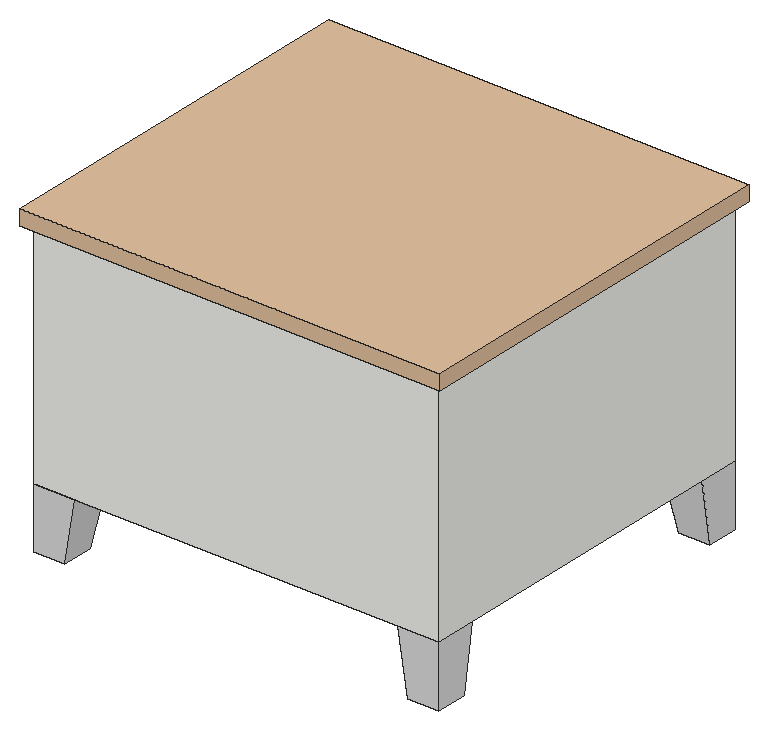
Revit family "familyDocumentTests", category Generic Models, Revit 2020
Family settings
  Can host rebar = No
  Round Connector Dimension = Use Diameter
  Part Type = Normal
  Work Plane-Based = No
  Always vertical = Yes
  Cut with Voids When Loaded = No
  Shared = No
  Room Calculation Point = No
Parameters (values of type "1525x762mm_Student")
  Width = 1000.00 mm
  URL = ""
  Top Material = Cherry
  Leg Height = 152.00 mm
  Keynote = "N"
  Height = 762.00 mm
  Handle/Leg Material = Steel, Chrome Plated
  Description = ""
  Depth = Height + Leg Height  # 914.00 mm
  Default Elevation = 0.00 mm
  Cost = 123
  Body Material = Laminate, Ivory, Matte
  Assembly Code = ""
Types (3, lengths in mm): name | Width | Cost
  1525x762mm_Student | 1000.00 | 123
  1830x915mm | 1830.00 | 0
  1525x762mm | 1525.00 | 0
Reference planes
  plane 1: y = 0
  plane 2: z = 0
  plane 3: x = 0
  plane 4: z = 723.9
  plane 5: z = 152
  plane 6: z = 762
  plane 7 "Right": x = 1000
  plane 8 "Front": y = 914
  plane 9: x = 500
  plane 10: y = 457
  plane 11: y = 926.7
  plane 12: x = 796.8
  plane 13: x = 203.2
  plane 14: z = 304.8
  plane 15: z = 425.45
  plane 16: z = 546.1
  plane 17: z = 666.75
  plane 18: z = 546.1
  plane 19: z = 666.75
Forms (mm)
  Extrusion 1, solid, material "Laminate, Ivory, Matte" <- "Body Material"
    sketch origin (0, 0, 0) x (1, 0, 0) y (0, 1, 0)
      loop
        line (0, 914) -> (0, 0) -> (1000, 0) -> (1000, 914) -> (593.6, 914) -> (593.6, 50.8) -> (406.4, 50.8) -> (406.4, 914) -> (0, 914)
    from 152 to 723.9
  Extrusion 2, solid, material "Cherry" <- "Top Material"
    sketch origin (0, 0, 0) x (1, 0, 0) y (0, 1, 0)
      loop
        line (-19.05, 933.05) -> (-19.05, -19.05) -> (1019.05, -19.05) -> (1019.05, 933.05) -> (-19.05, 933.05)
    from 723.9 to 762
  Blend 3, solid, material "Steel, Chrome Plated" <- "Handle/Leg Material"
    base sketch origin (0, 0, 0) x (1, 0, 0) y (0, 1, 0)
      loop
        line (0, 914) -> (0, 837.8) -> (76.2, 837.8) -> (76.2, 914) -> (0, 914)
    top sketch origin (0, 0, 0) x (1, 0, 0) y (0, 1, 0)
      loop
        line (0, 914) -> (0, 812.4) -> (101.6, 812.4) -> (101.6, 914) -> (0, 914)
    from 0 to 152
  Blend 4, solid, material "Steel, Chrome Plated" <- "Handle/Leg Material"
    base sketch origin (0, 0, 0) x (1, 0, 0) y (0, 1, 0)
      loop
        line (0, 0) -> (76.2, 0) -> (76.2, 76.2) -> (0, 76.2) -> (0, 0)
    top sketch origin (0, 0, 0) x (1, 0, 0) y (0, 1, 0)
      loop
        line (0, 0) -> (101.6, 0) -> (101.6, 101.6) -> (0, 101.6) -> (0, 0)
    from 0 to 152
  Blend 5, solid, material "Steel, Chrome Plated" <- "Handle/Leg Material"
    base sketch origin (0, 0, 0) x (1, 0, 0) y (0, 1, 0)
      loop
        line (1000, 0) -> (1000, 76.2) -> (923.8, 76.2) -> (923.8, 0) -> (1000, 0)
    top sketch origin (0, 0, 0) x (1, 0, 0) y (0, 1, 0)
      loop
        line (1000, 0) -> (1000, 101.6) -> (898.4, 101.6) -> (898.4, 0) -> (1000, 0)
    from 0 to 152
  Blend 6, solid, material "Steel, Chrome Plated" <- "Handle/Leg Material"
    base sketch origin (0, 0, 0) x (1, 0, 0) y (0, 1, 0)
      loop
        line (1000, 914) -> (923.8, 914) -> (923.8, 837.8) -> (1000, 837.8) -> (1000, 914)
    top sketch origin (0, 0, 0) x (1, 0, 0) y (0, 1, 0)
      loop
        line (1000, 914) -> (898.4, 914) -> (898.4, 812.4) -> (1000, 812.4) -> (1000, 914)
    from 0 to 152
  Extrusion 7, solid, material "Laminate, Ivory, Matte" <- "Body Material"
    sketch origin (0, 914, 0) x (1, 0, 0) y (0, 0, 1)
      loop
        line (19.05, 704.85) -> (19.05, 602.85) -> (387.35, 602.85) -> (387.35, 704.85) -> (19.05, 704.85)
      loop
        line (19.05, 171.05) -> (387.35, 171.05) -> (387.35, 342.5) -> (19.05, 342.5) -> (19.05, 171.05)
      loop
        line (387.35, 583.8) -> (19.05, 583.8) -> (19.05, 482.2) -> (387.35, 482.2) -> (387.35, 583.8)
      loop
        line (387.35, 463.15) -> (19.05, 463.15) -> (19.05, 361.55) -> (387.35, 361.55) -> (387.35, 463.15)
    from -12.7 to 0
  Extrusion 8, solid, material "Laminate, Ivory, Matte" <- "Body Material"
    sketch origin (1828.8, 914.4, 0) x (-1, 0, 0) y (0, 0, -1)
      loop
        line (847.85, -704.85) -> (1216.15, -704.85) -> (1216.15, -603.25) -> (847.85, -603.25) -> (847.85, -704.85)
      loop
        line (847.85, -171.05) -> (847.85, -584.2) -> (1216.15, -584.2) -> (1216.15, -171.05) -> (847.85, -171.05)
    from -12.3 to 0.4
  Sweep 9, solid, material "Steel, Chrome Plated" <- "Handle/Leg Material"
    path origin (0, 0, 0) x (1, 0, 0) y (0, 1, 0)
      loop
        line (152.4, 926.7) -> (152.4, 952.1) -> (254, 952.1) -> (254, 926.7)
    profile origin (0, 939.4, 0) x (-1, 0, 0) y (0, 0, 1)
      loop
        line (-152.4, 304.8) -> (-158.75, 304.8) -> (-158.75, 292.1) -> (-152.4, 292.1) -> (-152.4, 304.8)
      loop
        line (-152.4, 425.45) -> (-158.75, 425.45) -> (-158.75, 412.75) -> (-152.4, 412.75) -> (-152.4, 425.45)
      loop
        line (-152.4, 546.1) -> (-158.75, 546.1) -> (-158.75, 533.4) -> (-152.4, 533.4) -> (-152.4, 546.1)
      loop
        line (-152.4, 666.75) -> (-158.75, 666.75) -> (-158.75, 654.05) -> (-152.4, 654.05) -> (-152.4, 666.75)
  Sweep 10, solid, material "Steel, Chrome Plated" <- "Handle/Leg Material"
    path origin (0, 0, 0) x (1, 0, 0) y (0, 1, 0)
      loop
        line (847.6, 926.7) -> (847.6, 952.1) -> (746, 952.1) -> (746, 926.7)
    profile origin (0, 939.4, 0) x (-1, 0, 0) y (0, 0, 1)
      loop
        line (-847.6, 546.1) -> (-847.6, 533.4) -> (-841.25, 533.4) -> (-841.25, 546.1) -> (-847.6, 546.1)
      loop
        line (-847.6, 666.75) -> (-847.6, 654.05) -> (-841.25, 654.05) -> (-841.25, 666.75) -> (-847.6, 666.75)
Lines and regions (mm)
  Masking region 1
    outline origin (0, 0, 0) x (1, 0, 0) y (0, 1, 0)
      loop
        line (0, 914) -> (0, 0) -> (1000, 0) -> (1000, 914) -> (0, 914)
  symbolic lines
    curve 1: line (0, 0, 0) -> (1000, 0, 0)
    curve 2: line (0, 0, 0) -> (0, 914, 0)
    curve 3: line (0, 914, 0) -> (1000, 914, 0)
    curve 4: line (1000, 0, 0) -> (1000, 914, 0)
Dimensions and locks
  "Width": plane 7 "Right" to plane 3
  "Depth": plane 1 to plane 8 "Front"
  "Height": plane 2 to plane 6
  plane 5 to plane 2 = 152.00 mm
  plane 4 to plane 6 = 38.10 mm
  equal spacing: plane 3, plane 9, plane 7 "Right"
  equal spacing: plane 1, plane 10, plane 8 "Front"
  locked: plane 4 to plane 6 at 38.1
  plane 3 to Extrusion 1 sketch curve = 406.40 mm
  Extrusion 1 sketch curve to plane 7 "Right" = 406.40 mm
  "Leg Height": plane 5 to plane 2
  Extrusion 1 to Extrusion 7 sketch curve = 19.05 mm
  plane 3 to Extrusion 7 sketch curve = 19.05 mm
  plane 5 to Extrusion 7 sketch curve = 19.05 mm
  Extrusion 7 sketch curve to plane 4 = 19.05 mm
  locked: plane 11 to plane 8 "Front" at 12.7
  plane 17 to Extrusion 7 = 38.10 mm
  plane 16 to Extrusion 7 = 37.70 mm
  plane 15 to Extrusion 7 = 37.70 mm
  plane 14 to Extrusion 7 = 37.70 mm
  plane 19 to Extrusion 8 = 38.10 mm
  plane 18 to Extrusion 8 = 38.10 mm
  plane 12 to plane 7 "Right" = 203.20 mm
  plane 3 to plane 13 = 203.20 mm
  aligned and locked: Extrusion 1 to plane 4
  aligned and locked: Extrusion 2 to plane 4
  aligned and locked: Extrusion 2 to plane 6
  aligned and locked: Extrusion 1 sketch curve to curve 1
  aligned and locked: Extrusion 1 sketch curve to plane 3
  aligned and locked: Extrusion 1 sketch curve to plane 1
  aligned and locked: plane 7 "Right" to curve 4
  aligned and locked: plane 5 to Extrusion 1
  aligned and locked: Blend 4 to plane 5
  aligned and locked: Blend 5 to plane 5
  aligned and locked: plane 5 to Blend 3
  aligned and locked: Blend 6 to plane 5
  aligned and locked: Extrusion 7 to plane 11
  aligned and locked: plane 8 "Front" to Extrusion 1 sketch curve
  aligned and locked: Extrusion 1 sketch curve to plane 8 "Front"
  aligned and locked: Extrusion 8 to plane 11
  aligned and locked: Extrusion 8 to Extrusion 1
  aligned and locked: Masking region 1 sketch curve to Extrusion 1  (x3)
  aligned and locked: Masking region 1 sketch curve to curve 3
Automatic sketch dimensions
  Blend 3 sketch curve to plane 8 "Front" = 0.00 mm  (x2)
  plane 3 to Blend 3 sketch curve = 76.20 mm
  plane 8 "Front" to Blend 3 sketch curve = 76.20 mm
  Blend 3 sketch curve to plane 3 = 0.00 mm  (x2)
  plane 3 to Blend 3 sketch curve = 101.60 mm
  plane 8 "Front" to Blend 3 sketch curve = 101.60 mm
  Blend 4 sketch curve to plane 3 = 0.00 mm  (x2)
  Blend 4 sketch curve to Blend 4 sketch curve = 76.20 mm  (x2)
  Blend 4 sketch curve to plane 1 = 0.00 mm  (x2)
  Blend 4 sketch curve to Blend 4 sketch curve = 101.60 mm  (x2)
  Blend 5 sketch curve to plane 7 "Right" = 0.00 mm  (x2)
  Blend 5 sketch curve to Blend 5 sketch curve = 76.20 mm
  Blend 5 sketch curve to plane 1 = 76.20 mm
  Blend 5 sketch curve to Blend 5 sketch curve = 101.60 mm
  Blend 5 sketch curve to plane 1 = 101.60 mm
  Blend 6 sketch curve to plane 7 "Right" = 0.00 mm  (x2)
  Blend 6 sketch curve to Blend 6 sketch curve = 76.20 mm
  plane 8 "Front" to Blend 6 sketch curve = 76.20 mm
  Blend 6 sketch curve to Blend 6 sketch curve = 101.60 mm
  plane 8 "Front" to Blend 6 sketch curve = 101.60 mm
  Blend 5 sketch curve to plane 1 = 0.00 mm  (x2)
  Blend 6 sketch curve to plane 8 "Front" = 0.00 mm  (x2)
  plane 1 to Extrusion 2 sketch curve = 19.05 mm
  Extrusion 2 sketch curve to plane 8 "Front" = 19.05 mm
  plane 7 "Right" to Extrusion 2 sketch curve = 19.05 mm
  Extrusion 2 sketch curve to plane 3 = 19.05 mm
  Extrusion 7 sketch curve to Extrusion 7 sketch curve = 171.45 mm
  Extrusion 7 sketch curve to Extrusion 7 sketch curve = 19.05 mm  (x3)
  Extrusion 7 sketch curve to Extrusion 7 sketch curve = 101.60 mm  (x2)
  plane 3 to Extrusion 7 sketch curve = 19.05 mm  (x3)
  Extrusion 7 sketch curve to Extrusion 7 sketch curve = 0.00 mm  (x3)
  plane 4 to Extrusion 8 sketch curve = 19.05 mm
  Extrusion 8 sketch curve to plane 7 "Right" = 19.05 mm  (x2)
  Extrusion 8 sketch curve to plane 5 = 19.05 mm
  plane 4 to Extrusion 8 sketch curve = 120.65 mm
  Extrusion 8 sketch curve to Extrusion 8 sketch curve = 368.30 mm
  Extrusion 8 sketch curve to Extrusion 8 sketch curve = 0.00 mm
  Extrusion 8 sketch curve to Extrusion 8 sketch curve = 19.05 mm
  Extrusion 1 sketch curve to plane 1 = 50.80 mm
  curve 3 to plane 3 = 0.00 mm
  curve 1 to plane 1 = 0.00 mm
  curve 3 to plane 8 "Front" = 0.00 mm
  Sweep 9 sketch curve to plane 11 = 0.00 mm  (x2)
  Sweep 9 sketch curve to plane 13 = 50.80 mm
  plane 13 to Sweep 9 sketch curve = 50.80 mm
  Sweep 9 sketch curve to Sweep 9 sketch curve = 25.40 mm
  Sweep 9 sketch curve to plane 14 = 0.00 mm
  Sweep 9 sketch curve to plane 17 = 0.00 mm
  Sweep 9 sketch curve to plane 15 = 0.00 mm
  Sweep 9 sketch curve to plane 16 = 0.00 mm
  Sweep 9 sketch curve to profile plane = 0.00 mm  (x4)
  profile plane to Sweep 9 sketch curve = 6.35 mm  (x4)
  plane 14 to Sweep 9 sketch curve = 12.70 mm
  plane 15 to Sweep 9 sketch curve = 12.70 mm
  plane 16 to Sweep 9 sketch curve = 12.70 mm
  plane 17 to Sweep 9 sketch curve = 12.70 mm
  Sweep 10 sketch curve to plane 11 = 0.00 mm  (x2)
  plane 11 to Sweep 10 sketch curve = 25.40 mm
  plane 12 to Sweep 10 sketch curve = 50.80 mm
  Sweep 10 sketch curve to Sweep 10 sketch curve = 101.60 mm
  Sweep 10 sketch curve to profile plane = 0.00 mm  (x2)
  Sweep 10 sketch curve to plane 19 = 0.00 mm
  Sweep 10 sketch curve to plane 18 = 0.00 mm
  Sweep 10 sketch curve to profile plane = 6.35 mm  (x2)
  plane 18 to Sweep 10 sketch curve = 12.70 mm
  Sweep 10 sketch curve to Sweep 10 sketch curve = 12.70 mm
